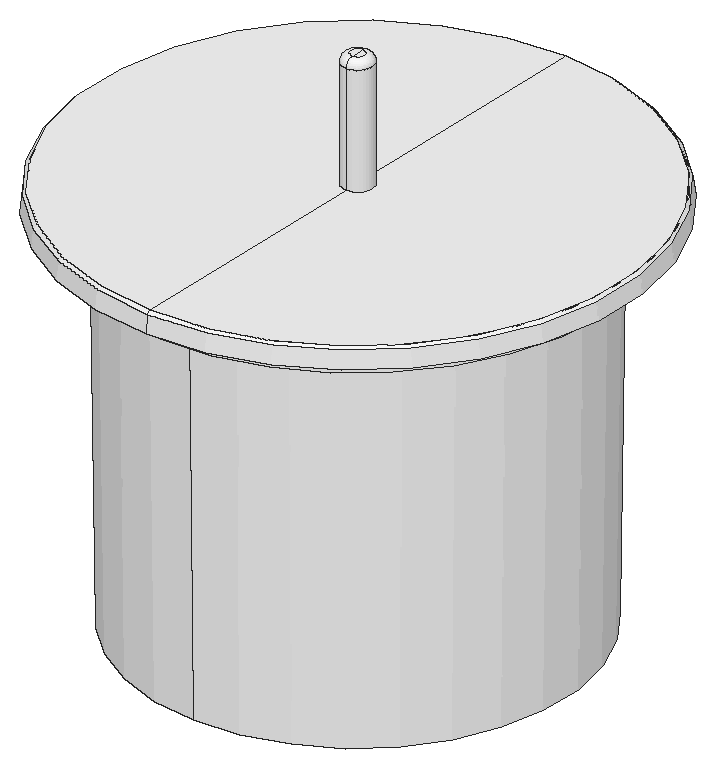
Revit family "CSensor-Lutron-Ceiling-Vive_Series-HJS-2-SM", category Lighting Devices, host Face, Revit 2021
Family settings
  Host = Face
  Maintain Annotation Orientation = Yes
  Round Connector Dimension = Use Diameter
  Part Type = Normal
  OmniClass Number = 23.85.80.11.27
  OmniClass Title = Lighting Controls
  Cut with Voids When Loaded = No
  Shared = No
  Room Calculation Point = No
Parameters (values of type "HJS-2-SM")
  Width = 0' - 6 205/256"  # constant formula
  Warranty URL = "https://www.lutron.com/en-US/Service-Support/Pages/Service/Warranty/Warranty.aspx"
  Voltage Comments = "Input to power supply: 120 – 277 V~ 50/60 Hz 0.6 A • Input to Vive hub: 24 V- 350 mA"  # constant formula
  Voltage = 120 V
  Video Link = "https://www.youtube.com/user/LutronElectronicsInc"
  Version = "2021 - v1.0a"  # constant formula
  Support Phone = "(224) 699-9545"  # constant formula
  Support Email = "mailto: support@bimsmith.com"
  Sensor Type = "Occupancy/Vacancy"  # constant formula
  Sensor Area Visibility [instance] = yes
  Recommended Mounting Notes [instance] = "Surface Mounted - Must be mounted a minimum of 10 ft (3 m) from Wi-Fi router"  # constant formula
  Product Page URL = "https://commercial.lutron.com/us/en/whole-building-systems/vive#3092623536-1983966033"
  Product Name = "Premium Vive hub with BACnet"  # constant formula
  Product Documentation Link = "https://assets.lutron.com/a/documents/369902_eng.pdf"
  Performance URL = "https://www.lutron.com/en-US/Service-Support/Pages/Technical/PerfomanceSpecs.aspx"
  Minimum Operating Temperature = 32 °F  # constant formula
  Maximum Operating Temperature = 104 °F  # constant formula
  Manufacturer Phone Number = "610-282-3800"  # constant formula
  Manufacturer Fax Number = "610-282-1243"  # constant formula
  Manufacturer Email = "mailto:support@lutron.com"
  Manufacturer Address = "7200 Suter Rd, Coopersburg, PA 18036"  # constant formula
  URL = "http://www.lutron.com"
  Type Comments = ""
  Series = "Vive Series"  # constant formula
  Sensor Material = Plastic - Lutron - White Gloss
  Model = "HJS-2-SM"  # constant formula
  Manufacturer = "Lutron Electronics Co., Inc"  # constant formula
  Load Classification = Other
  Coverge Radius = 71' - 0"  # constant formula
  Coverage Range = " 71 ft (22 m)"  # constant formula
  Length = 0' - 6 205/256"  # constant formula
  Keynote = "Division 11"
  Instruction Sheet Link = "https://assets.lutron.com/a/documents/041803.pdf"
  Finish = Plastic - Lutron - White Gloss
  Description = "Vive hub, surface-mount adapter and power supply"  # constant formula
  Depth = 0' - 4 77/256"  # constant formula
  Default Elevation = 0' - 0"
  Coverage Area = "360˚ coverage from 71 ft (22 m)"  # constant formula
  Coverage = 15836.00 SF  # constant formula
  Cost Info = "mailto:sales@lutron.com"
  Cost = 0
  Copyright = "© 2022 Lutron Electronics Co., Inc."  # constant formula
  C CP Right [instance] = 0' - 0"  # constant formula
  C CP Left [instance] = 0' - 0"  # constant formula
  C CP Height [instance] = 0' - 0"  # constant formula
  C CP Front [instance] = 0' - 0"  # constant formula
  C CP Back [instance] = 0' - 0"  # constant formula
  Assembly Code = "D5030800"
  Apparent Load = 0 VA
  Annotation Symbol Visibility [instance] = yes
Reference planes (in)
  plane 1 "Center (Front/Back)": y = 0
  plane 2: z = 0
  plane 3 "Center (Left/Right)": x = 0
  plane 4: y = 3.40039
  plane 5: y = -3.40039
  plane 6: x = 3.40039
  plane 7: x = -3.40039
  plane 8 "top": z = 5.05
  plane 9: x = 0
  plane 10: x = 0
  plane 11: y = 0
  plane 12: y = 0
  plane 13: z = 0
  plane 14: z = 6.55
  plane 15 "Center L/S": z = 4.8
  plane 16 "Center L/T": z = 2.25
Forms (in)
  Revolve 1, solid, material "Plastic - Lutron - White Gloss" <- "Sensor Material", detail levels medium+fine
    sketch origin (0, 0, 0) x (0, 1, 0) y (0, 0, 1)
      loop
        line (0, 2.25) -> (0, 6.55) -> (-0.08833, 6.55)
        arc (-0.08833, 6.55) -> (-0.1559, 6.52201) -> (-0.18389, 6.45444) r 0.09556
        line (-0.18389, 6.45444) -> (-0.18389, 5.05) -> (-3.346, 5.05) -> (-3.38049, 5.0155) -> (-3.40781, 4.8) -> (-2.59273, 4.8) -> (-2.59273, 2.25) -> (0, 2.25)
      axis (0, 6.55) -> (0, 2.25)
    angle from 0 to 360
  Revolve 2, solid, material "Plastic - Lutron - White Gloss" <- "Sensor Material", detail levels coarse
    sketch origin (0, 0, 0) x (0, 1, 0) y (0, 0, 1)
      loop
        line (-2.59273, 2.25) -> (0, 2.25) -> (0, 6.55) -> (-0.18389, 6.55) -> (-0.18389, 5.05) -> (-3.37808, 5.05) -> (-3.40781, 4.8) -> (-2.59273, 4.8) -> (-2.59273, 2.25)
      axis (0, 6.55) -> (0, 2.25)
    angle from 0 to 360
  Revolve 3, solid, material "Plastic - Lutron - White Gloss" <- "Sensor Material"
    sketch origin (0, 0, 0) x (0, 1, 0) y (0, 0, 1)
      loop
        line (-2.63961, 0) -> (0, 0) -> (0, 0.5) -> (-2.59273, 0.5) -> (-2.59273, 4.8) -> (-3.18389, 4.8) -> (-3.18389, 4.64375) -> (-2.70337, 4.64375) -> (-2.63961, 0)
      axis (0, 4.8) -> (0, 0)
    angle from 0 to 360
Lines and regions (in)
  model lines, style "LightingDevices", detail levels medium+fine
    curve 1: circle (0, 0, 5.05) r 2.63931 normal (0, 0, 1)
  symbolic lines, style "Sensor Range"
    curve 2: circle (0, 0, 0) r 852 normal (0, 0, 1)
Dimensions and locks (in)
  "Width": plane 4 to plane 5
  equal spacing: plane 4, plane 1 "Center (Front/Back)", plane 5
  "Length": plane 7 to plane 6
  equal spacing: plane 7, plane 3 "Center (Left/Right)", plane 6
  "C CP Front": plane 1 "Center (Front/Back)" to plane 12
  "C CP Back": plane 11 to plane 1 "Center (Front/Back)"
  "C CP Right": plane 10 to plane 3 "Center (Left/Right)"
  "C CP Left": plane 3 "Center (Left/Right)" to plane 9
  locked: plane 14 to plane 8 "top" at 1.5
  locked: plane 8 "top" to Revolve 2 sketch curve at 0.25
  locked: plane 14 to Revolve 1 sketch curve at 0.09556
  locked: plane 8 "top" to Revolve 1 sketch curve at 0.25
  locked: plane 8 "top" to plane 16 "Center L/T" at 2.8
  locked: plane 15 "Center L/S" to plane 13 at 4.8
  locked: plane 13 to plane 2
  plane 12 to Revolve 1 sketch curve to Revolve 1 sketch curve to Revolve 1 sketch curve to Revolve 1 sketch curve to Revolve 1 sketch curve to Revolve 1 sketch curve = 0' - 0" locked, 0' - 0.08833" locked, 0' - 0.09556" locked, 0' - 2.40884" locked, 0' - 0.75326" locked, 0' - 0.06181" locked
  plane 12 to Revolve 2 sketch curve to Revolve 2 sketch curve to Revolve 2 sketch curve to Revolve 2 sketch curve = 0' - 0.18389" locked, 0' - 2.40884" locked, 0' - 0.78534" locked, 0' - 0.02973" locked
  plane 12 to Revolve 3 sketch curve to Revolve 3 sketch curve to Revolve 3 sketch curve to Revolve 3 sketch curve to Revolve 3 sketch curve = 0' - 0" locked, 0' - 2.59273" locked, 0' - 0 3/64" locked, 0' - 0.06376" locked, 0' - 0.48052" locked
  Revolve 3 sketch curve to Revolve 3 sketch curve to Revolve 3 sketch curve to plane 2 to Revolve 3 sketch curve = 0' - 0 5/32" locked, 0' - 4.14375" locked, 0' - 0 1/2" locked, 0' - 0" locked
  "Coverge Radius": radius of curve 2
  aligned and locked: plane 2 to host face
  aligned and locked: level to host face
  aligned and locked: plane 8 "top" to Revolve 2 sketch curve
  aligned and locked: plane 14 to Revolve 2 sketch curve
  aligned and locked: plane 14 to Revolve 1 sketch curve
  aligned and locked: plane 8 "top" to Revolve 1 sketch curve
  aligned and locked: plane 12 to curve 2
  aligned and locked: plane 10 to curve 2
  aligned and locked: Revolve 1 sketch curve to plane 16 "Center L/T"
  aligned and locked: plane 16 "Center L/T" to Revolve 2 sketch curve
Automatic sketch dimensions
  host sketch curve to host sketch curve = 8' - 0"  (x2)
  Revolve 1 sketch curve to plane 1 "Center (Front/Back)" = 0' - 0"
  plane 5 to Revolve 1 sketch curve = 0' - 0.0199"
  Revolve 1 sketch curve to plane 8 "top" = 0' - 0.0345"
  Revolve 1 sketch curve to level = 0' - 0.17381"
  plane 8 "top" to Revolve 1 sketch curve = 0' - 0.69728"
  Revolve 2 sketch curve to plane 1 "Center (Front/Back)" = 0' - 0"  (x2)
  Revolve 2 sketch curve to Revolve 2 sketch curve = 0' - 0"
  Revolve 2 sketch curve to Revolve 2 sketch curve = 0' - 0 3/4"
  Revolve 3 sketch curve to plane 1 "Center (Front/Back)" = 0' - 0"
  Revolve 3 sketch curve to plane 13 = 0' - 1.08629"
  Revolve 3 sketch curve to Revolve 3 sketch curve = 0' - 0"
  plane 1 "Center (Front/Back)" to curve 1 = 0' - 0"
  curve 1 to plane 3 "Center (Left/Right)" = 0' - 0"
  radius of curve 1 = 0' - 2.63931"
Nested families (in)
  nested 1: "Nested - Annotation - HUB-2" at (0, 0, 0), visible <- "Annotation Symbol Visibility", type "Default"
Connectors (in)
  electrical at (0, 0, 0)
    settings: on Revolve 3, index 1, voltage 0 V, apparent load 0 VA, apparent load phase1 0 VA, apparent load phase2 0 VA, apparent load phase3 0 VA, power factor 1, load classification "Other", number of poles 1, system type 13, power factor state 1, is connector primary yes, connector utility no, sub classification motor no, connector description "Control Connector"
  electrical at (0, 0, 0), driven by "Load Classification", driven by "Voltage", driven by "Apparent Load"
    settings: on Revolve 3, index 2, voltage 120 V, apparent load 0 VA, apparent load phase1 0 VA, apparent load phase2 0 VA, apparent load phase3 0 VA, power factor 1, load classification "Other", number of poles 1, system type 30, power factor state 1, is connector primary no, connector utility no, sub classification motor no, connector description "Electrical Connector"
Definition of nested family "Nested - Annotation - HUB-2"
  Reference planes (in)
    plane 1 "Center (Front/Back)": y = 0
    plane 2: z = 0
    plane 3 "Center (Left/Right)": x = 0
  Lines and regions (in)
    Filled region 1, type "Solid Fill - Black", in view "Ref. Level"
      outline origin (-68.49205, 68.55754, 0) x (1, 0, 0) y (0, 1, 0)
        loop
          circle (68.49205, -68.55754) r 6.25
    Filled region 2, type "Solid Fill - White", in view "Ref. Level"
      outline origin (-68.36705, 68.55754, 0) x (1, 0, 0) y (0, 1, 0)
        loop
          arc (63.71449, -69.4525) -> (63.77584, -69.4584) -> (63.83744, -69.46018) r 0.92045
          arc (63.83744, -69.46018) -> (63.89981, -69.45847) -> (63.96192, -69.4525) r 0.91072
          line (63.96192, -69.4525) -> (64.04183, -69.43405) -> (64.0841, -69.40562) -> (64.09562, -69.36336) -> (64.09562, -67.63984) -> (65.86448, -67.63984) -> (65.86448, -69.36336) -> (65.87677, -69.40562) -> (65.91827, -69.43405) -> (65.99664, -69.4525)
          arc (65.99664, -69.4525) -> (66.05952, -69.45855) -> (66.12266, -69.46018) r 0.90192
          arc (66.12266, -69.46018) -> (66.1835, -69.45844) -> (66.24407, -69.4525) r 0.87876
          line (66.24407, -69.4525) -> (66.32398, -69.43405) -> (66.36625, -69.40562) -> (66.37777, -69.36336) -> (66.37777, -65.63431) -> (66.36625, -65.59205) -> (66.32398, -65.56362) -> (66.24407, -65.54518)
          arc (66.24407, -65.54518) -> (66.1835, -65.53923) -> (66.12266, -65.53749) r 0.87876
          arc (66.12266, -65.53749) -> (66.05952, -65.53913) -> (65.99664, -65.54518) r 0.90192
          line (65.99664, -65.54518) -> (65.91827, -65.56362) -> (65.87677, -65.59205) -> (65.86448, -65.63431) -> (65.86448, -67.18956) -> (64.09562, -67.18956) -> (64.09562, -65.63431) -> (64.0841, -65.59205) -> (64.04183, -65.56362) -> (63.96192, -65.54518)
          arc (63.96192, -65.54518) -> (63.89981, -65.5392) -> (63.83744, -65.53749) r 0.91072
          arc (63.83744, -65.53749) -> (63.77584, -65.53928) -> (63.71449, -65.54518) r 0.92045
          line (63.71449, -65.54518) -> (63.63304, -65.56362) -> (63.59155, -65.59205) -> (63.57926, -65.63431) -> (63.57926, -69.36336) -> (63.59155, -69.40562) -> (63.63304, -69.43405) -> (63.71449, -69.4525)
        loop
          arc (71.81348, -69.44174) -> (72.00859, -69.43474) -> (72.20229, -69.41023) r 2.16904
          arc (72.20229, -69.41023) -> (72.36397, -69.37181) -> (72.52041, -69.31572) r 1.49875
          arc (72.52041, -69.31572) -> (72.65927, -69.24658) -> (72.78781, -69.15974) r 1.17392
          arc (72.78781, -69.15974) -> (72.89758, -69.0592) -> (72.99067, -68.94305) r 0.96917
          arc (72.99067, -68.94305) -> (73.06688, -68.80948) -> (73.1213, -68.66565) r 0.9816
          arc (73.1213, -68.66565) -> (73.15703, -68.49831) -> (73.16817, -68.32756) r 1.17886
          spline (73.16817, -68.32756) -> (73.16775, -68.29476) -> (73.1665, -68.26243) -> (73.16441, -68.23057) -> (73.16148, -68.19918) -> (73.15771, -68.16824) -> (73.15309, -68.13776) -> (73.14762, -68.10773) -> (73.1413, -68.07814) -> (73.13413, -68.04899) -> (73.1261, -68.02027) -> (73.11721, -67.99198) -> (73.10746, -67.9641)
          arc (73.10746, -67.9641) -> (73.03837, -67.81279) -> (72.94379, -67.67595) r 0.94426
          arc (72.94379, -67.67595) -> (72.83225, -67.56371) -> (72.70252, -67.4731) r 0.88613
          arc (72.70252, -67.4731) -> (72.55845, -67.40594) -> (72.40515, -67.36398) r 0.94135
          arc (72.40515, -67.36398) -> (72.52221, -67.30334) -> (72.62875, -67.22567) r 0.86812
          arc (72.62875, -67.22567) -> (72.71737, -67.13681) -> (72.79088, -67.03511) r 0.79432
          arc (72.79088, -67.03511) -> (72.84818, -66.92226) -> (72.88847, -66.80228) r 0.86827
          arc (72.88847, -66.80228) -> (72.91357, -66.67119) -> (72.92151, -66.53795) r 1.02969
          spline (72.92151, -66.53795) -> (72.921, -66.49968) -> (72.91945, -66.46208) -> (72.91688, -66.42515) -> (72.91326, -66.38891) -> (72.90859, -66.35335) -> (72.90288, -66.31848) -> (72.8961, -66.28429) -> (72.88827, -66.2508) -> (72.87937, -66.218) -> (72.86939, -66.18589) -> (72.85834, -66.15449) -> (72.84621, -66.12378)
          arc (72.84621, -66.12378) -> (72.75337, -65.95526) -> (72.6226, -65.81412) r 0.79149
          spline (72.6226, -65.81412) -> (72.59731, -65.79358) -> (72.571, -65.77385) -> (72.54366, -65.75493) -> (72.51531, -65.73682) -> (72.48595, -65.71954) -> (72.45557, -65.70308) -> (72.42419, -65.68746) -> (72.3918, -65.67268) -> (72.35841, -65.65873) -> (72.32401, -65.64564) -> (72.28862, -65.6334) -> (72.25223, -65.62202)
          spline (72.25223, -65.62202) -> (72.21428, -65.61152) -> (72.17457, -65.60192) -> (72.1331, -65.59322) -> (72.08987, -65.58542) -> (72.0449, -65.57853) -> (71.99818, -65.57255) -> (71.94972, -65.56749) -> (71.89951, -65.56334) -> (71.84756, -65.5601) -> (71.79388, -65.55779) -> (71.73846, -65.5564) -> (71.68131, -65.55594)
          line (71.68131, -65.55594) -> (70.79842, -65.55594)
          spline (70.79842, -65.55594) -> (70.78694, -65.55626) -> (70.77556, -65.55722) -> (70.76429, -65.55882) -> (70.75311, -65.56106) -> (70.74205, -65.56394) -> (70.73109, -65.56746) -> (70.72024, -65.57162) -> (70.70951, -65.57643) -> (70.6989, -65.58187) -> (70.68841, -65.58795) -> (70.67804, -65.59468) -> (70.66779, -65.60204)
          spline (70.66779, -65.60204) -> (70.65803, -65.6104) -> (70.6491, -65.61971) -> (70.64101, -65.62999) -> (70.63375, -65.64123) -> (70.62735, -65.65343) -> (70.62178, -65.66659) -> (70.61707, -65.68071) -> (70.61321, -65.69579) -> (70.6102, -65.71183) -> (70.60805, -65.72883) -> (70.60675, -65.74679) -> (70.60632, -65.76571)
          line (70.60632, -65.76571) -> (70.60632, -69.23197)
          spline (70.60632, -69.23197) -> (70.60675, -69.25089) -> (70.60805, -69.26885) -> (70.6102, -69.28585) -> (70.61321, -69.30189) -> (70.61707, -69.31697) -> (70.62178, -69.33109) -> (70.62735, -69.34425) -> (70.63375, -69.35645) -> (70.64101, -69.36768) -> (70.6491, -69.37796) -> (70.65803, -69.38728) -> (70.66779, -69.39563)
          spline (70.66779, -69.39563) -> (70.67804, -69.403) -> (70.68841, -69.40972) -> (70.6989, -69.41581) -> (70.70951, -69.42125) -> (70.72024, -69.42605) -> (70.73109, -69.43021) -> (70.74205, -69.43373) -> (70.75311, -69.43662) -> (70.76429, -69.43886) -> (70.77556, -69.44046) -> (70.78694, -69.44142) -> (70.79842, -69.44174)
          line (70.79842, -69.44174) -> (71.81348, -69.44174)
        loop
          line (71.11961, -69.01528) -> (71.8688, -69.01528)
          spline (71.8688, -69.01528) -> (71.89807, -69.01499) -> (71.92669, -69.01412) -> (71.95467, -69.01267) -> (71.98201, -69.01064) -> (72.00872, -69.00802) -> (72.03478, -69.00481) -> (72.0602, -69.001) -> (72.08498, -68.99661) -> (72.10912, -68.99161) -> (72.13262, -68.98602) -> (72.15548, -68.97982) -> (72.1777, -68.97301)
          arc (72.1777, -68.97301) -> (72.29985, -68.92219) -> (72.40976, -68.84853) r 0.67539
          arc (72.40976, -68.84853) -> (72.50046, -68.75512) -> (72.56728, -68.64337) r 0.56297
          spline (72.56728, -68.64337) -> (72.57647, -68.62254) -> (72.58483, -68.60117) -> (72.59237, -68.57926) -> (72.5991, -68.5568) -> (72.60501, -68.53379) -> (72.61012, -68.51024) -> (72.61442, -68.48615) -> (72.61794, -68.46152) -> (72.62066, -68.43633) -> (72.6226, -68.41061) -> (72.62375, -68.38434) -> (72.62414, -68.35753)
          spline (72.62414, -68.35753) -> (72.62376, -68.32881) -> (72.6226, -68.30067) -> (72.62068, -68.27311) -> (72.61799, -68.24614) -> (72.61453, -68.21975) -> (72.61031, -68.19395) -> (72.60531, -68.16875) -> (72.59955, -68.14414) -> (72.59302, -68.12013) -> (72.58572, -68.09671) -> (72.57765, -68.0739) -> (72.56882, -68.0517)
          arc (72.56882, -68.0517) -> (72.50138, -67.93069) -> (72.40745, -67.82887) r 0.58674
          spline (72.40745, -67.82887) -> (72.38922, -67.81419) -> (72.37025, -67.80011) -> (72.35054, -67.78665) -> (72.3301, -67.7738) -> (72.30892, -67.76155) -> (72.287, -67.74991) -> (72.26435, -67.73888) -> (72.24096, -67.72846) -> (72.21684, -67.71865) -> (72.19198, -67.70944) -> (72.16638, -67.70085) -> (72.14005, -67.69286)
          spline (72.14005, -67.69286) -> (72.11241, -67.68532) -> (72.08148, -67.67845) -> (72.04511, -67.67224) -> (72.00117, -67.6667) -> (71.9475, -67.66183) -> (71.88196, -67.65761) -> (71.80242, -67.65405) -> (71.70673, -67.65114) -> (71.59274, -67.64888) -> (71.45832, -67.64727) -> (71.30133, -67.64631) -> (71.11961, -67.64599)
          line (71.11961, -67.64599) -> (71.11961, -69.01528)
        loop
          line (71.11961, -67.23489) -> (71.70667, -67.23489)
          spline (71.70667, -67.23489) -> (71.73973, -67.23452) -> (71.77167, -67.23342) -> (71.8025, -67.23158) -> (71.83223, -67.229) -> (71.86086, -67.22569) -> (71.8884, -67.22164) -> (71.91484, -67.21685) -> (71.94021, -67.21133) -> (71.96449, -67.20507) -> (71.9877, -67.19807) -> (72.00985, -67.19034) -> (72.03093, -67.18187)
          spline (72.03093, -67.18187) -> (72.05102, -67.17296) -> (72.07056, -67.1635) -> (72.08955, -67.15351) -> (72.10797, -67.143) -> (72.12583, -67.13196) -> (72.14312, -67.1204) -> (72.15983, -67.10833) -> (72.17596, -67.09575) -> (72.19151, -67.08268) -> (72.20646, -67.0691) -> (72.22081, -67.05504) -> (72.23456, -67.04049)
          arc (72.23456, -67.04049) -> (72.30511, -66.94365) -> (72.35289, -66.83379) r 0.54703
          arc (72.35289, -66.83379) -> (72.38065, -66.71263) -> (72.38978, -66.58867) r 0.82018
          spline (72.38978, -66.58867) -> (72.38952, -66.56541) -> (72.38875, -66.5425) -> (72.38745, -66.51995) -> (72.38562, -66.49777) -> (72.38326, -66.47594) -> (72.38036, -66.45448) -> (72.37692, -66.43339) -> (72.37293, -66.41267) -> (72.36838, -66.39233) -> (72.36328, -66.37236) -> (72.3576, -66.35277) -> (72.35136, -66.33356)
          arc (72.35136, -66.33356) -> (72.30181, -66.22917) -> (72.22841, -66.13992) r 0.47273
          spline (72.22841, -66.13992) -> (72.21404, -66.12692) -> (72.19896, -66.11444) -> (72.18317, -66.10247) -> (72.16669, -66.09103) -> (72.14949, -66.08011) -> (72.1316, -66.06971) -> (72.11299, -66.05984) -> (72.09369, -66.0505) -> (72.07368, -66.0417) -> (72.05296, -66.03343) -> (72.03154, -66.0257) -> (72.00942, -66.01851)
          spline (72.00942, -66.01851) -> (71.98604, -66.01171) -> (71.95962, -66.00551) -> (71.92831, -65.99992) -> (71.89023, -65.99492) -> (71.84355, -65.99052) -> (71.78639, -65.98672) -> (71.71691, -65.98351) -> (71.63324, -65.98089) -> (71.53354, -65.97886) -> (71.41594, -65.97741) -> (71.27858, -65.97654) -> (71.11961, -65.97625)
          line (71.11961, -65.97625) -> (71.11961, -67.23489)
        loop
          line (69.89899, -65.56362) -> (69.82138, -65.54518)
          arc (69.82138, -65.54518) -> (69.76042, -65.53924) -> (69.6992, -65.53749) r 0.89091
          arc (69.6992, -65.53749) -> (69.63683, -65.5392) -> (69.57472, -65.54518) r 0.91072
          line (69.57472, -65.54518) -> (69.49558, -65.56362) -> (69.45331, -65.59205) -> (69.44102, -65.63431) -> (69.44102, -68.00944)
          spline (69.44102, -68.00944) -> (69.44057, -68.05258) -> (69.43923, -68.0948) -> (69.43699, -68.13608) -> (69.43385, -68.17644) -> (69.42981, -68.21587) -> (69.42488, -68.25437) -> (69.41906, -68.29194) -> (69.41233, -68.32858) -> (69.40471, -68.3643) -> (69.3962, -68.39908) -> (69.38678, -68.43294) -> (69.37647, -68.46587)
          spline (69.37647, -68.46587) -> (69.36533, -68.4979) -> (69.35342, -68.52907) -> (69.34072, -68.55937) -> (69.32724, -68.58881) -> (69.31297, -68.61739) -> (69.29791, -68.6451) -> (69.28204, -68.67195) -> (69.26537, -68.69793) -> (69.24789, -68.72304) -> (69.22959, -68.7473) -> (69.21047, -68.77068) -> (69.19052, -68.79321)
          arc (69.19052, -68.79321) -> (69.05372, -68.91016) -> (68.89315, -68.99146) r 0.75608
          spline (68.89315, -68.99146) -> (68.8636, -69.00196) -> (68.83334, -69.01156) -> (68.80238, -69.02026) -> (68.77072, -69.02805) -> (68.73835, -69.03494) -> (68.70528, -69.04092) -> (68.6715, -69.04599) -> (68.63702, -69.05014) -> (68.60183, -69.05337) -> (68.56594, -69.05568) -> (68.52934, -69.05707) -> (68.49205, -69.05754)
          spline (68.49205, -69.05754) -> (68.45585, -69.05707) -> (68.42026, -69.05568) -> (68.38527, -69.05335) -> (68.35089, -69.05008) -> (68.3171, -69.04588) -> (68.2839, -69.04073) -> (68.2513, -69.03464) -> (68.21929, -69.0276) -> (68.18787, -69.01961) -> (68.15703, -69.01067) -> (68.12677, -69.00077) -> (68.09709, -68.98992)
          arc (68.09709, -68.98992) -> (67.9357, -68.90645) -> (67.79741, -68.7886) r 0.79721
          spline (67.79741, -68.7886) -> (67.7769, -68.76585) -> (67.75725, -68.74217) -> (67.73845, -68.71756) -> (67.72049, -68.69201) -> (67.70336, -68.66552) -> (67.68705, -68.63809) -> (67.67156, -68.60971) -> (67.65688, -68.58039) -> (67.643, -68.55012) -> (67.62991, -68.51889) -> (67.61761, -68.48671) -> (67.60608, -68.45358)
          spline (67.60608, -68.45358) -> (67.59558, -68.41965) -> (67.58598, -68.38475) -> (67.57728, -68.34886) -> (67.56948, -68.31199) -> (67.56259, -68.27415) -> (67.55661, -68.23535) -> (67.55155, -68.19559) -> (67.5474, -68.15487) -> (67.54416, -68.1132) -> (67.54185, -68.07058) -> (67.54046, -68.02703) -> (67.54, -67.98255)
          line (67.54, -67.98255) -> (67.54, -65.63431) -> (67.52847, -65.59205) -> (67.48775, -65.56362) -> (67.40783, -65.54518)
          arc (67.40783, -65.54518) -> (67.34649, -65.53926) -> (67.28489, -65.53749) r 0.91174
          arc (67.28489, -65.53749) -> (67.22175, -65.53915) -> (67.15887, -65.54518) r 0.91017
          line (67.15887, -65.54518) -> (67.08049, -65.56362) -> (67.039, -65.59205) -> (67.02671, -65.63431) -> (67.02671, -68.04555)
          spline (67.02671, -68.04555) -> (67.02741, -68.10451) -> (67.02953, -68.16229) -> (67.03306, -68.2189) -> (67.038, -68.27434) -> (67.04437, -68.32861) -> (67.05216, -68.38173) -> (67.06137, -68.43369) -> (67.07201, -68.48451) -> (67.08408, -68.53419) -> (67.09759, -68.58272) -> (67.11253, -68.63013) -> (67.1289, -68.67641)
          spline (67.1289, -68.67641) -> (67.14659, -68.7213) -> (67.16547, -68.76491) -> (67.18554, -68.80724) -> (67.2068, -68.84831) -> (67.22925, -68.8881) -> (67.2529, -68.92662) -> (67.27776, -68.96388) -> (67.30381, -68.99988) -> (67.33108, -69.03462) -> (67.35955, -69.0681) -> (67.38923, -69.10033) -> (67.42013, -69.1313)
          arc (67.42013, -69.1313) -> (67.63208, -69.2928) -> (67.87348, -69.40562) r 1.24826
          spline (67.87348, -69.40562) -> (67.91805, -69.42053) -> (67.96339, -69.43412) -> (68.00949, -69.44641) -> (68.05636, -69.45739) -> (68.104, -69.46707) -> (68.15241, -69.47545) -> (68.20159, -69.48254) -> (68.25154, -69.48833) -> (68.30225, -69.49283) -> (68.35373, -69.49604) -> (68.40598, -69.49796) -> (68.459, -69.4986)
          spline (68.459, -69.4986) -> (68.51707, -69.49791) -> (68.57408, -69.49585) -> (68.63003, -69.4924) -> (68.68494, -69.48759) -> (68.73881, -69.48139) -> (68.79163, -69.47382) -> (68.84341, -69.46487) -> (68.89415, -69.45455) -> (68.94385, -69.44284) -> (68.99253, -69.42976) -> (69.04017, -69.41531) -> (69.08679, -69.39948)
          spline (69.08679, -69.39948) -> (69.1323, -69.38232) -> (69.17663, -69.36387) -> (69.21978, -69.34414) -> (69.26176, -69.32312) -> (69.30256, -69.30081) -> (69.34218, -69.2772) -> (69.38065, -69.2523) -> (69.41794, -69.2261) -> (69.45407, -69.1986) -> (69.48904, -69.16979) -> (69.52285, -69.13968) -> (69.55551, -69.10825)
          spline (69.55551, -69.10825) -> (69.58697, -69.07576) -> (69.61718, -69.04205) -> (69.64615, -69.00712) -> (69.67387, -68.97099) -> (69.70036, -68.93366) -> (69.72562, -68.89512) -> (69.74964, -68.85538) -> (69.77243, -68.81444) -> (69.79399, -68.77231) -> (69.81433, -68.72898) -> (69.83345, -68.68446) -> (69.85135, -68.63876)
          spline (69.85135, -68.63876) -> (69.86791, -68.59192) -> (69.88304, -68.544) -> (69.89673, -68.495) -> (69.90898, -68.44492) -> (69.91978, -68.39378) -> (69.92915, -68.34158) -> (69.93707, -68.28832) -> (69.94355, -68.23401) -> (69.9486, -68.17866) -> (69.9522, -68.12226) -> (69.95436, -68.06483) -> (69.95508, -68.00637)
          line (69.95508, -68.00637) -> (69.95508, -65.63431) -> (69.94125, -65.59205) -> (69.89899, -65.56362)
        loop
          line (67.73628, -70.97934) -> (67.82514, -70.93914)
          arc (67.82514, -70.93914) -> (67.88633, -70.90107) -> (67.94935, -70.86613) r 1.43476
          arc (67.94935, -70.86613) -> (68.03449, -70.82619) -> (68.12252, -70.79312) r 1.18711
          line (68.12252, -70.79312) -> (68.34568, -70.7596) -> (68.533, -70.79312) -> (68.66831, -70.8839)
          arc (68.66831, -70.8839) -> (68.71607, -70.94641) -> (68.7506, -71.01709) r 0.39802
          arc (68.7506, -71.01709) -> (68.7721, -71.0962) -> (68.77888, -71.1779) r 0.44979
          arc (68.77888, -71.1779) -> (68.774, -71.2691) -> (68.7607, -71.35946) r 0.98527
          line (68.7607, -71.35946) -> (68.68446, -71.57454) -> (68.51987, -71.83698) -> (68.23612, -72.16253) -> (67.72568, -72.68741) -> (67.6863, -72.73573)
          arc (67.6863, -72.73573) -> (67.67257, -72.75794) -> (67.66055, -72.78112) r 0.34812
          arc (67.66055, -72.78112) -> (67.65197, -72.80677) -> (67.64742, -72.83342) r 0.1761
          arc (67.64742, -72.83342) -> (67.64504, -72.86792) -> (67.6444, -72.90249) r 0.68817
          line (67.6444, -72.90249) -> (67.65146, -72.9755) -> (67.67317, -73.02089)
          arc (67.67317, -73.02089) -> (67.6894, -73.03448) -> (67.70852, -73.04356) r 0.0835
          line (67.70852, -73.04356) -> (67.75699, -73.05048) -> (69.16764, -73.05048)
          arc (69.16764, -73.05048) -> (69.18466, -73.04829) -> (69.20046, -73.04159) r 0.06302
          line (69.20046, -73.04159) -> (69.22419, -73.01397) -> (69.23782, -72.96762) -> (69.24287, -72.90446) -> (69.23782, -72.84231) -> (69.22217, -72.79793) -> (69.19642, -72.77127)
          arc (69.19642, -72.77127) -> (69.18189, -72.76474) -> (69.16613, -72.76239) r 0.05822
          line (69.16613, -72.76239) -> (68.05487, -72.76239) -> (68.45928, -72.34015)
          arc (68.45928, -72.34015) -> (68.64076, -72.14645) -> (68.81069, -71.94255) r 4.57336
          line (68.81069, -71.94255) -> (69.01314, -71.62876)
          spline (69.01314, -71.62876) -> (69.02443, -71.6054) -> (69.03506, -71.5823) -> (69.04503, -71.55948) -> (69.05434, -71.53693) -> (69.06298, -71.51465) -> (69.07095, -71.49265) -> (69.07825, -71.47091) -> (69.08488, -71.44946) -> (69.09082, -71.42827) -> (69.09608, -71.40737) -> (69.10065, -71.38673) -> (69.10453, -71.36637)
          arc (69.10453, -71.36637) -> (69.12085, -71.24501) -> (69.12624, -71.12266) r 1.36601
          arc (69.12624, -71.12266) -> (69.11521, -70.99233) -> (69.0808, -70.86613) r 0.72039
          arc (69.0808, -70.86613) -> (69.02406, -70.75311) -> (68.94398, -70.65524) r 0.57453
          spline (68.94398, -70.65524) -> (68.92837, -70.64036) -> (68.91209, -70.626) -> (68.89514, -70.61217) -> (68.87754, -70.59888) -> (68.85927, -70.58612) -> (68.84035, -70.57389) -> (68.82077, -70.5622) -> (68.80055, -70.55105) -> (68.77968, -70.54043) -> (68.75817, -70.53036) -> (68.73602, -70.52083) -> (68.71324, -70.51185)
          spline (68.71324, -70.51185) -> (68.6897, -70.50351) -> (68.66553, -70.4959) -> (68.64072, -70.48903) -> (68.61528, -70.48289) -> (68.58919, -70.47747) -> (68.56247, -70.47279) -> (68.53511, -70.46883) -> (68.5071, -70.46559) -> (68.47845, -70.46307) -> (68.44915, -70.46128) -> (68.4192, -70.46021) -> (68.3886, -70.45985)
          arc (68.3886, -70.45985) -> (68.27685, -70.46542) -> (68.16645, -70.48358) r 0.98907
          arc (68.16645, -70.48358) -> (68.06862, -70.5088) -> (67.97308, -70.54164) r 1.28332
          line (67.97308, -70.54164) -> (67.82716, -70.61182) -> (67.74537, -70.66786) -> (67.71356, -70.70219) -> (67.70094, -70.73198) -> (67.69387, -70.76944) -> (67.69185, -70.82074)
          arc (67.69185, -70.82074) -> (67.69275, -70.85632) -> (67.69589, -70.89178) r 0.56489
          line (67.69589, -70.89178) -> (67.707, -70.93914) -> (67.73628, -70.97934)
